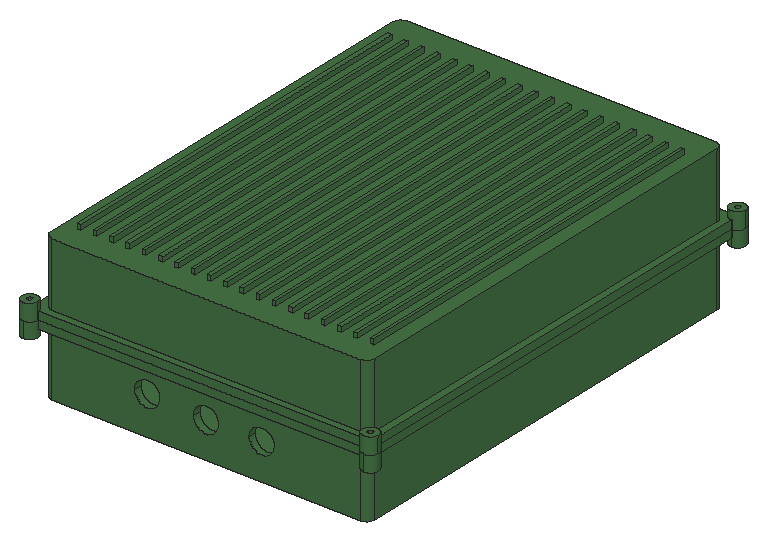
Revit family "STS-507 Контроллер связи", category Электрооборудование, Revit 2017
Family settings
  Конфигурация панели = Два столбца, слева направо
  Размер круглого соединителя = Использовать диаметр
  Тип детали = Щит
  На основе рабочей плоскости = Да
  Всегда вертикально = Нет
  При загрузке вырезать с полостями = Нет
  Общий = Нет
  Точка расчета площади = Нет
Parameters (values of type "STS-507")
  Смещение_УГО_Y [instance] = 0 mm
  Смещение_УГО_X [instance] = 0 mm
  Скорость передачи данных, до Мбит/с = 40
  Раздел проекта [instance] = ""
  Раздел Спецификации [instance] = ""
  Полоса пропускания канала, МГ = "20, 40"
  Default Elevation = 1219.2 mm
  Напряжение электропитания постоянного тока, В = "12-24"
  Напряжение = "12"
  Мощность = "30"
  Максимальная потребляемая мощность, не более, Вт = 30
  Максимальная мощность передатчика, дБм = 20
  Кадрирование / Кодирование = "IEEE 802.3/U"
  Используемые полосы частот, МГц = "5150–5350"
  Интерфейс (тип) = "Ethernet (10/100BaseT)"
  Диапазон рабочих температур, °С = "от -40 до +50"
  Время непрерывной работы, ч = "круглосуточно"
  Видимость_УГО [instance] = yes
  Вариант исполнения = "уличный"
  В_Смещение_УГО_Y [instance] = Смещение_УГО_Y + 2000 mm  # 2000 mm
  В_Смещение_УГО_X [instance] = Смещение_УГО_X + 2000 mm  # 2000 mm
  d_короба = 0 mm
  ADSK_Размер_Ширина = 225 mm
  ADSK_Размер_Глубина = 97 mm
  ADSK_Размер_Высота = 300 mm
  ADSK_Примечание = ""
  ADSK_Наименование = "Контроллер связи STS-507"
  ADSK_Масса = 2
  ADSK_Марка = "CТАЕ.424252.037"
  ADSK_Количество = 1
  ADSK_Завод-изготовитель = "ООО «Основа Безопасности»"  # constant formula
  ADSK_Единица измерения = "шт."  # constant formula
  ADSK_URL страницы изделия = "https://stilsoft.ru/products/sts-507"
  ADSK_URL документации изделия = ""
Reference planes
  plane 1 "По центру (Вперед/Назад)": y = 0
  plane 2: z = 0
  plane 3 "По центру (Влево/Вправо)": x = 0
  plane 4: y = 2000
  plane 5: x = -2000
  plane 6: x = 0
  plane 7: y = 0
  plane 8: y = 300
  plane 9: x = 112.5
  plane 10: x = -112.5
  plane 11: z = 97
  plane 12: x = 107.5
  plane 13: x = -107.5
Forms (mm)
  Extrusion 1, solid, material "коркус", detail levels medium+fine
    sketch origin (0, 0, 0) x (1, 0, 0) y (0, 1, 0)
      loop
        line (102.5, 295) -> (-102.5, 295)
        arc (-102.5, 295) -> (-106.036, 293.536) -> (-107.5, 290) r 5
        line (-107.5, 290) -> (-107.5, 10)
        arc (-107.5, 10) -> (-106.036, 6.464) -> (-102.5, 5) r 5
        line (-102.5, 5) -> (102.5, 5)
        arc (102.5, 5) -> (106.036, 6.464) -> (107.5, 10) r 5
        line (107.5, 10) -> (107.5, 290)
        arc (107.5, 290) -> (106.036, 293.536) -> (102.5, 295) r 5
      loop
        line (97.5, 290) -> (-97.5, 290)
        arc (-97.5, 290) -> (-101.036, 288.536) -> (-102.5, 285) r 5
        line (-102.5, 285) -> (-102.5, 15)
        arc (-102.5, 15) -> (-101.036, 11.464) -> (-97.5, 10) r 5
        line (-97.5, 10) -> (97.5, 10)
        arc (97.5, 10) -> (101.036, 11.464) -> (102.5, 15) r 5
        line (102.5, 15) -> (102.5, 285)
        arc (102.5, 285) -> (101.036, 288.536) -> (97.5, 290) r 5
    from 48.5 to 53.5
  Extrusion 2, solid, material "коркус", detail levels medium+fine
    sketch origin (0, 0, 0) x (1, 0, 0) y (0, 1, 0)
      loop
        circle (-107.5, 295) r 5
      loop
        circle (-107.5, 295) r 1.646
    from 48.5 to 58.5
  Extrusion 3, solid, material "коркус", detail levels medium+fine
    sketch origin (0, 0, 0) x (-1, 0, 0) y (0, -1, 0)
      loop
        circle (-107.5, -295) r 5
      loop
        circle (-107.5, -295) r 1.646
    from 48.5 to 58.5
  Extrusion 4, solid, material "коркус", detail levels medium+fine
    sketch origin (0, 300, 0) x (1, 0, 0) y (0, 1, 0)
      loop
        circle (-107.5, -295) r 5
      loop
        circle (-107.5, -295) r 1.646
    from 48.5 to 58.5
  Extrusion 5, solid, material "коркус", detail levels medium+fine
    sketch origin (0, 300, 0) x (-1, 0, 0) y (0, -1, 0)
      loop
        circle (-107.5, 295) r 5
      loop
        circle (-107.5, 295) r 1.646
    from 48.5 to 58.5
  Extrusion 6, solid, material "коркус", detail levels medium+fine
    sketch origin (0, 0, 0) x (1, 0, 0) y (0, 1, 0)
      loop
        line (97.5, 290) -> (-97.5, 290)
        arc (-97.5, 290) -> (-101.036, 288.536) -> (-102.5, 285) r 5
        line (-102.5, 285) -> (-102.5, 15)
        arc (-102.5, 15) -> (-101.036, 11.464) -> (-97.5, 10) r 5
        line (-97.5, 10) -> (97.5, 10)
        arc (97.5, 10) -> (101.036, 11.464) -> (102.5, 15) r 5
        line (102.5, 15) -> (102.5, 285)
        arc (102.5, 285) -> (101.036, 288.536) -> (97.5, 290) r 5
    from 48.5 to 94
  Extrusion 7, solid, material "коркус", detail levels medium+fine
    sketch origin (0, 0, 0) x (1, 0, 0) y (0, 1, 0)
      loop
        line (-94.11, 270.789) -> (-94.11, 25.789) -> (-91.881, 25.789) -> (-91.881, 270.789) -> (-94.11, 270.789)
    from 94 to 97
  Extrusion 8, solid, material "коркус", detail levels medium+fine
    sketch origin (185, 0, 0) x (1, 0, 0) y (0, 1, 0)
      loop
        line (-94.11, 270.789) -> (-94.11, 25.789) -> (-91.881, 25.789) -> (-91.881, 270.789) -> (-94.11, 270.789)
    from 94 to 97
  Extrusion 9, solid, material "коркус", detail levels medium+fine
    sketch origin (10.278, 0, 0) x (1, 0, 0) y (0, 1, 0)
      loop
        line (-94.11, 270.789) -> (-94.11, 25.789) -> (-91.881, 25.789) -> (-91.881, 270.789) -> (-94.11, 270.789)
    from 94 to 97
  Extrusion 10, solid, material "коркус", detail levels medium+fine
    sketch origin (20.556, 0, 0) x (1, 0, 0) y (0, 1, 0)
      loop
        line (-94.11, 270.789) -> (-94.11, 25.789) -> (-91.881, 25.789) -> (-91.881, 270.789) -> (-94.11, 270.789)
    from 94 to 97
  Extrusion 11, solid, material "коркус", detail levels medium+fine
    sketch origin (30.833, 0, 0) x (1, 0, 0) y (0, 1, 0)
      loop
        line (-94.11, 270.789) -> (-94.11, 25.789) -> (-91.881, 25.789) -> (-91.881, 270.789) -> (-94.11, 270.789)
    from 94 to 97
  Extrusion 12, solid, material "коркус", detail levels medium+fine
    sketch origin (41.111, 0, 0) x (1, 0, 0) y (0, 1, 0)
      loop
        line (-94.11, 270.789) -> (-94.11, 25.789) -> (-91.881, 25.789) -> (-91.881, 270.789) -> (-94.11, 270.789)
    from 94 to 97
  Extrusion 13, solid, material "коркус", detail levels medium+fine
    sketch origin (51.389, 0, 0) x (1, 0, 0) y (0, 1, 0)
      loop
        line (-94.11, 270.789) -> (-94.11, 25.789) -> (-91.881, 25.789) -> (-91.881, 270.789) -> (-94.11, 270.789)
    from 94 to 97
  Extrusion 14, solid, material "коркус", detail levels medium+fine
    sketch origin (61.667, 0, 0) x (1, 0, 0) y (0, 1, 0)
      loop
        line (-94.11, 270.789) -> (-94.11, 25.789) -> (-91.881, 25.789) -> (-91.881, 270.789) -> (-94.11, 270.789)
    from 94 to 97
  Extrusion 15, solid, material "коркус", detail levels medium+fine
    sketch origin (71.944, 0, 0) x (1, 0, 0) y (0, 1, 0)
      loop
        line (-94.11, 270.789) -> (-94.11, 25.789) -> (-91.881, 25.789) -> (-91.881, 270.789) -> (-94.11, 270.789)
    from 94 to 97
  Extrusion 16, solid, material "коркус", detail levels medium+fine
    sketch origin (82.222, 0, 0) x (1, 0, 0) y (0, 1, 0)
      loop
        line (-94.11, 270.789) -> (-94.11, 25.789) -> (-91.881, 25.789) -> (-91.881, 270.789) -> (-94.11, 270.789)
    from 94 to 97
  Extrusion 17, solid, material "коркус", detail levels medium+fine
    sketch origin (92.5, 0, 0) x (1, 0, 0) y (0, 1, 0)
      loop
        line (-94.11, 270.789) -> (-94.11, 25.789) -> (-91.881, 25.789) -> (-91.881, 270.789) -> (-94.11, 270.789)
    from 94 to 97
  Extrusion 18, solid, material "коркус", detail levels medium+fine
    sketch origin (102.778, 0, 0) x (1, 0, 0) y (0, 1, 0)
      loop
        line (-94.11, 270.789) -> (-94.11, 25.789) -> (-91.881, 25.789) -> (-91.881, 270.789) -> (-94.11, 270.789)
    from 94 to 97
  Extrusion 19, solid, material "коркус", detail levels medium+fine
    sketch origin (113.056, 0, 0) x (1, 0, 0) y (0, 1, 0)
      loop
        line (-94.11, 270.789) -> (-94.11, 25.789) -> (-91.881, 25.789) -> (-91.881, 270.789) -> (-94.11, 270.789)
    from 94 to 97
  Extrusion 20, solid, material "коркус", detail levels medium+fine
    sketch origin (123.333, 0, 0) x (1, 0, 0) y (0, 1, 0)
      loop
        line (-94.11, 270.789) -> (-94.11, 25.789) -> (-91.881, 25.789) -> (-91.881, 270.789) -> (-94.11, 270.789)
    from 94 to 97
  Extrusion 21, solid, material "коркус", detail levels medium+fine
    sketch origin (133.611, 0, 0) x (1, 0, 0) y (0, 1, 0)
      loop
        line (-94.11, 270.789) -> (-94.11, 25.789) -> (-91.881, 25.789) -> (-91.881, 270.789) -> (-94.11, 270.789)
    from 94 to 97
  Extrusion 22, solid, material "коркус", detail levels medium+fine
    sketch origin (143.889, 0, 0) x (1, 0, 0) y (0, 1, 0)
      loop
        line (-94.11, 270.789) -> (-94.11, 25.789) -> (-91.881, 25.789) -> (-91.881, 270.789) -> (-94.11, 270.789)
    from 94 to 97
  Extrusion 23, solid, material "коркус", detail levels medium+fine
    sketch origin (154.167, 0, 0) x (1, 0, 0) y (0, 1, 0)
      loop
        line (-94.11, 270.789) -> (-94.11, 25.789) -> (-91.881, 25.789) -> (-91.881, 270.789) -> (-94.11, 270.789)
    from 94 to 97
  Extrusion 24, solid, material "коркус", detail levels medium+fine
    sketch origin (164.444, 0, 0) x (1, 0, 0) y (0, 1, 0)
      loop
        line (-94.11, 270.789) -> (-94.11, 25.789) -> (-91.881, 25.789) -> (-91.881, 270.789) -> (-94.11, 270.789)
    from 94 to 97
  Extrusion 25, solid, material "коркус", detail levels medium+fine
    sketch origin (174.722, 0, 0) x (1, 0, 0) y (0, 1, 0)
      loop
        line (-94.11, 270.789) -> (-94.11, 25.789) -> (-91.881, 25.789) -> (-91.881, 270.789) -> (-94.11, 270.789)
    from 94 to 97
  Extrusion 26, void
    sketch origin (0, 0, 0) x (1, 0, 0) y (0, 1, 0)
      loop
        arc (-95.609, 285.526) -> (-98.146, 284.188) -> (-98.476, 281.338) r 3.075
        line (-98.476, 281.338) -> (-98.476, 18.86)
        arc (-98.476, 18.86) -> (-97.695, 16.241) -> (-95.609, 14.474) r 4.789
        line (-95.609, 14.474) -> (94.391, 14.474)
        arc (94.391, 14.474) -> (97.279, 15.671) -> (98.476, 18.559) r 4.085
        line (98.476, 18.559) -> (98.476, 281.441)
        arc (98.476, 281.441) -> (97.279, 284.329) -> (94.391, 285.526) r 4.085
        line (94.391, 285.526) -> (-95.609, 285.526)
    from 48.5 to 92
  Extrusion 27, solid, material "коркус", detail levels medium+fine
    sketch origin (0, 0, -5) x (0, -1, 0) y (1, 0, 0)
      loop
        line (-295, 102.5) -> (-295, -102.5)
        arc (-295, -102.5) -> (-293.536, -106.036) -> (-290, -107.5) r 5
        line (-290, -107.5) -> (-10, -107.5)
        arc (-10, -107.5) -> (-6.464, -106.036) -> (-5, -102.5) r 5
        line (-5, -102.5) -> (-5, 102.5)
        arc (-5, 102.5) -> (-6.464, 106.036) -> (-10, 107.5) r 5
        line (-10, 107.5) -> (-290, 107.5)
        arc (-290, 107.5) -> (-293.536, 106.036) -> (-295, 102.5) r 5
      loop
        line (-290, 97.5) -> (-290, -97.5)
        arc (-290, -97.5) -> (-288.536, -101.036) -> (-285, -102.5) r 5
        line (-285, -102.5) -> (-15, -102.5)
        arc (-15, -102.5) -> (-11.464, -101.036) -> (-10, -97.5) r 5
        line (-10, -97.5) -> (-10, 97.5)
        arc (-10, 97.5) -> (-11.464, 101.036) -> (-15, 102.5) r 5
        line (-15, 102.5) -> (-285, 102.5)
        arc (-285, 102.5) -> (-288.536, 101.036) -> (-290, 97.5) r 5
    from 48.5 to 53.5
  Extrusion 28, void
    sketch origin (0, 0, -43) x (0, -1, 0) y (1, 0, 0)
      loop
        arc (-285.526, -95.609) -> (-284.188, -98.146) -> (-281.338, -98.476) r 3.075
        line (-281.338, -98.476) -> (-18.86, -98.476)
        arc (-18.86, -98.476) -> (-16.241, -97.695) -> (-14.474, -95.609) r 4.789
        line (-14.474, -95.609) -> (-14.474, 94.391)
        arc (-14.474, 94.391) -> (-15.671, 97.279) -> (-18.559, 98.476) r 4.085
        line (-18.559, 98.476) -> (-281.441, 98.476)
        arc (-281.441, 98.476) -> (-284.329, 97.279) -> (-285.526, 94.391) r 4.085
        line (-285.526, 94.391) -> (-285.526, -95.609)
    from 48.5 to 92
  Extrusion 29, solid, material "коркус", detail levels medium+fine
    sketch origin (0, 0, -45.5) x (0, -1, 0) y (1, 0, 0)
      loop
        line (-290, 97.5) -> (-290, -97.5)
        arc (-290, -97.5) -> (-288.536, -101.036) -> (-285, -102.5) r 5
        line (-285, -102.5) -> (-15, -102.5)
        arc (-15, -102.5) -> (-11.464, -101.036) -> (-10, -97.5) r 5
        line (-10, -97.5) -> (-10, 97.5)
        arc (-10, 97.5) -> (-11.464, 101.036) -> (-15, 102.5) r 5
        line (-15, 102.5) -> (-285, 102.5)
        arc (-285, 102.5) -> (-288.536, 101.036) -> (-290, 97.5) r 5
    from 48.5 to 94
  Extrusion 30, solid, material "коркус", detail levels medium+fine
    sketch origin (0, 300, -10) x (0, -1, 0) y (1, 0, 0)
      loop
        circle (295, -107.5) r 5
      loop
        circle (295, -107.5) r 1.646
    from 48.5 to 58.5
  Extrusion 31, solid, material "коркус", detail levels medium+fine
    sketch origin (0, 300, -10) x (0, 1, 0) y (-1, 0, 0)
      loop
        circle (-295, -107.5) r 5
      loop
        circle (-295, -107.5) r 1.646
    from 48.5 to 58.5
  Extrusion 32, solid, material "коркус", detail levels medium+fine
    sketch origin (0, 0, -94) x (0, -1, 0) y (1, 0, 0)
      loop
        line (-270.789, -94.11) -> (-25.789, -94.11) -> (-25.789, -91.881) -> (-270.789, -91.881) -> (-270.789, -94.11)
    from 94 to 97
  Extrusion 33, solid, material "коркус", detail levels medium+fine
    sketch origin (0, 0, -10) x (0, -1, 0) y (1, 0, 0)
      loop
        circle (-295, -107.5) r 5
      loop
        circle (-295, -107.5) r 1.646
    from 48.5 to 58.5
  Extrusion 34, solid, material "коркус", detail levels medium+fine
    sketch origin (0, 0, -10) x (0, 1, 0) y (-1, 0, 0)
      loop
        circle (295, -107.5) r 5
      loop
        circle (295, -107.5) r 1.646
    from 48.5 to 58.5
  Extrusion 35, solid, material "коркус", detail levels medium+fine
    sketch origin (185, 0, -94) x (0, -1, 0) y (1, 0, 0)
      loop
        line (-270.789, -94.11) -> (-25.789, -94.11) -> (-25.789, -91.881) -> (-270.789, -91.881) -> (-270.789, -94.11)
    from 94 to 97
  Extrusion 36, solid, material "коркус", detail levels medium+fine
    sketch origin (10.278, 0, -94) x (0, -1, 0) y (1, 0, 0)
      loop
        line (-270.789, -94.11) -> (-25.789, -94.11) -> (-25.789, -91.881) -> (-270.789, -91.881) -> (-270.789, -94.11)
    from 94 to 97
  Extrusion 37, solid, material "коркус", detail levels medium+fine
    sketch origin (20.556, 0, -94) x (0, -1, 0) y (1, 0, 0)
      loop
        line (-270.789, -94.11) -> (-25.789, -94.11) -> (-25.789, -91.881) -> (-270.789, -91.881) -> (-270.789, -94.11)
    from 94 to 97
  Extrusion 38, solid, material "коркус", detail levels medium+fine
    sketch origin (30.833, 0, -94) x (0, -1, 0) y (1, 0, 0)
      loop
        line (-270.789, -94.11) -> (-25.789, -94.11) -> (-25.789, -91.881) -> (-270.789, -91.881) -> (-270.789, -94.11)
    from 94 to 97
  Extrusion 39, solid, material "коркус", detail levels medium+fine
    sketch origin (41.111, 0, -94) x (0, -1, 0) y (1, 0, 0)
      loop
        line (-270.789, -94.11) -> (-25.789, -94.11) -> (-25.789, -91.881) -> (-270.789, -91.881) -> (-270.789, -94.11)
    from 94 to 97
  Extrusion 40, solid, material "коркус", detail levels medium+fine
    sketch origin (51.389, 0, -94) x (0, -1, 0) y (1, 0, 0)
      loop
        line (-270.789, -94.11) -> (-25.789, -94.11) -> (-25.789, -91.881) -> (-270.789, -91.881) -> (-270.789, -94.11)
    from 94 to 97
  Extrusion 41, solid, material "коркус", detail levels medium+fine
    sketch origin (61.667, 0, -94) x (0, -1, 0) y (1, 0, 0)
      loop
        line (-270.789, -94.11) -> (-25.789, -94.11) -> (-25.789, -91.881) -> (-270.789, -91.881) -> (-270.789, -94.11)
    from 94 to 97
  Extrusion 42, solid, material "коркус", detail levels medium+fine
    sketch origin (71.944, 0, -94) x (0, -1, 0) y (1, 0, 0)
      loop
        line (-270.789, -94.11) -> (-25.789, -94.11) -> (-25.789, -91.881) -> (-270.789, -91.881) -> (-270.789, -94.11)
    from 94 to 97
  Extrusion 43, solid, material "коркус", detail levels medium+fine
    sketch origin (82.222, 0, -94) x (0, -1, 0) y (1, 0, 0)
      loop
        line (-270.789, -94.11) -> (-25.789, -94.11) -> (-25.789, -91.881) -> (-270.789, -91.881) -> (-270.789, -94.11)
    from 94 to 97
  Extrusion 44, solid, material "коркус", detail levels medium+fine
    sketch origin (92.5, 0, -94) x (0, -1, 0) y (1, 0, 0)
      loop
        line (-270.789, -94.11) -> (-25.789, -94.11) -> (-25.789, -91.881) -> (-270.789, -91.881) -> (-270.789, -94.11)
    from 94 to 97
  Extrusion 45, solid, material "коркус", detail levels medium+fine
    sketch origin (102.778, 0, -94) x (0, -1, 0) y (1, 0, 0)
      loop
        line (-270.789, -94.11) -> (-25.789, -94.11) -> (-25.789, -91.881) -> (-270.789, -91.881) -> (-270.789, -94.11)
    from 94 to 97
  Extrusion 46, solid, material "коркус", detail levels medium+fine
    sketch origin (113.056, 0, -94) x (0, -1, 0) y (1, 0, 0)
      loop
        line (-270.789, -94.11) -> (-25.789, -94.11) -> (-25.789, -91.881) -> (-270.789, -91.881) -> (-270.789, -94.11)
    from 94 to 97
  Extrusion 47, solid, material "коркус", detail levels medium+fine
    sketch origin (123.333, 0, -94) x (0, -1, 0) y (1, 0, 0)
      loop
        line (-270.789, -94.11) -> (-25.789, -94.11) -> (-25.789, -91.881) -> (-270.789, -91.881) -> (-270.789, -94.11)
    from 94 to 97
  Extrusion 48, solid, material "коркус", detail levels medium+fine
    sketch origin (133.611, 0, -94) x (0, -1, 0) y (1, 0, 0)
      loop
        line (-270.789, -94.11) -> (-25.789, -94.11) -> (-25.789, -91.881) -> (-270.789, -91.881) -> (-270.789, -94.11)
    from 94 to 97
  Extrusion 49, solid, material "коркус", detail levels medium+fine
    sketch origin (143.889, 0, -94) x (0, -1, 0) y (1, 0, 0)
      loop
        line (-270.789, -94.11) -> (-25.789, -94.11) -> (-25.789, -91.881) -> (-270.789, -91.881) -> (-270.789, -94.11)
    from 94 to 97
  Extrusion 50, solid, material "коркус", detail levels medium+fine
    sketch origin (154.167, 0, -94) x (0, -1, 0) y (1, 0, 0)
      loop
        line (-270.789, -94.11) -> (-25.789, -94.11) -> (-25.789, -91.881) -> (-270.789, -91.881) -> (-270.789, -94.11)
    from 94 to 97
  Extrusion 51, solid, material "коркус", detail levels medium+fine
    sketch origin (164.444, 0, -94) x (0, -1, 0) y (1, 0, 0)
      loop
        line (-270.789, -94.11) -> (-25.789, -94.11) -> (-25.789, -91.881) -> (-270.789, -91.881) -> (-270.789, -94.11)
    from 94 to 97
  Extrusion 52, solid, material "коркус", detail levels medium+fine
    sketch origin (174.722, 0, -94) x (0, -1, 0) y (1, 0, 0)
      loop
        line (-270.789, -94.11) -> (-25.789, -94.11) -> (-25.789, -91.881) -> (-270.789, -91.881) -> (-270.789, -94.11)
    from 94 to 97
  Extrusion 53, void
    sketch origin (0, 0, 0) x (1, 0, 0) y (0, 0, 1)
      loop
        circle (0, 25.659) r 8
      loop
        circle (-37.168, 27.215) r 8
      loop
        circle (35, 25.659) r 8
    from -3.348 to -16.802
Cuts and joins
  Extrusion 26, Extrusion 28 cuts Extrusion 6
  Extrusion 26 cuts Extrusion 7
  Extrusion 26 cuts Extrusion 8
  Extrusion 26 cuts Extrusion 9
  Extrusion 26 cuts Extrusion 10
  Extrusion 26 cuts Extrusion 11
  Extrusion 26 cuts Extrusion 12
  Extrusion 26 cuts Extrusion 13
  Extrusion 26 cuts Extrusion 14
  Extrusion 26 cuts Extrusion 15
  Extrusion 26 cuts Extrusion 16
  Extrusion 26 cuts Extrusion 17
  Extrusion 26 cuts Extrusion 18
  Extrusion 26 cuts Extrusion 19
  Extrusion 26 cuts Extrusion 20
  Extrusion 26 cuts Extrusion 21
  Extrusion 26 cuts Extrusion 22
  Extrusion 26 cuts Extrusion 23
  Extrusion 26 cuts Extrusion 24
  Extrusion 26 cuts Extrusion 25
  Extrusion 28, Extrusion 53 cuts Extrusion 29
Dimensions and locks
  locked: plane 4 to plane 1 "По центру (Вперед/Назад)" at 2000
  locked: plane 5 to plane 3 "По центру (Влево/Вправо)" at 2000
  "В_Смещение_УГО_X": plane 5 to plane 6
  "В_Смещение_УГО_Y": plane 4 to plane 7
  "ADSK_Размер_Ширина": plane 10 to plane 9
  "ADSK_Размер_Высота": plane 8 to plane 1 "По центру (Вперед/Назад)"
  "ADSK_Размер_Глубина": plane 11 to level
  aligned and locked: level to plane 2
  aligned and locked: nested 1 to plane 7
  aligned and locked: plane 6 to nested 1
Automatic sketch dimensions
  Extrusion 1 sketch curve to plane 13 = 0 mm
  Extrusion 1 sketch curve to plane 12 = 0 mm
  Extrusion 1 sketch curve to Extrusion 1 sketch curve = 5 mm  (x4)
  Extrusion 1 sketch curve to plane 13 = 5 mm
  Extrusion 1 sketch curve to Extrusion 1 sketch curve = 0 mm  (x2)
  Extrusion 1 sketch curve to plane 12 = 10 mm  (x2)
  Extrusion 1 sketch curve to plane 12 = 5 mm  (x3)
  Extrusion 1 sketch curve to plane 1 "По центру (Вперед/Назад)" = 5 mm
  Extrusion 1 sketch curve to plane 8 = 15 mm
  Extrusion 2 sketch curve to Extrusion 2 sketch curve = 0 mm  (x2)
  Extrusion 2 sketch curve to plane 13 = 0 mm
  Extrusion 2 sketch curve to plane 8 = 5 mm
  Extrusion 3 sketch curve to Extrusion 3 sketch curve = 0 mm  (x2)
  Extrusion 3 sketch curve to plane 12 = 0 mm
  plane 8 to Extrusion 3 sketch curve = 5 mm
  Extrusion 4 sketch curve to Extrusion 4 sketch curve = 0 mm  (x2)
  Extrusion 4 sketch curve to plane 13 = 0 mm
  plane 1 "По центру (Вперед/Назад)" to Extrusion 4 sketch curve = 5 mm
  Extrusion 5 sketch curve to Extrusion 5 sketch curve = 0 mm  (x2)
  Extrusion 5 sketch curve to plane 12 = 0 mm
  Extrusion 5 sketch curve to plane 1 "По центру (Вперед/Назад)" = 5 mm
  Extrusion 6 sketch curve to plane 13 = 5 mm
  Extrusion 6 sketch curve to Extrusion 6 sketch curve = 5 mm  (x2)
  Extrusion 6 sketch curve to plane 12 = 10 mm  (x2)
  Extrusion 6 sketch curve to plane 12 = 5 mm
  Extrusion 6 sketch curve to plane 1 "По центру (Вперед/Назад)" = 10 mm
  Extrusion 6 sketch curve to plane 8 = 15 mm
  Extrusion 7 sketch curve to plane 13 = 13.39 mm
  Extrusion 7 sketch curve to Extrusion 7 sketch curve = 2.229 mm
  Extrusion 7 sketch curve to plane 1 "По центру (Вперед/Назад)" = 25.789 mm
  Extrusion 7 sketch curve to plane 8 = 29.211 mm
  Extrusion 8 sketch curve to plane 12 = 16.61 mm
  Extrusion 8 sketch curve to Extrusion 8 sketch curve = 2.229 mm
  Extrusion 8 sketch curve to plane 1 "По центру (Вперед/Назад)" = 25.789 mm
  Extrusion 8 sketch curve to plane 8 = 29.211 mm
  Extrusion 9 sketch curve to plane 13 = 23.668 mm
  Extrusion 9 sketch curve to Extrusion 9 sketch curve = 2.229 mm
  Extrusion 9 sketch curve to plane 1 "По центру (Вперед/Назад)" = 25.789 mm
  Extrusion 9 sketch curve to plane 8 = 29.211 mm
  Extrusion 10 sketch curve to plane 13 = 33.945 mm
  Extrusion 10 sketch curve to Extrusion 10 sketch curve = 2.229 mm
  Extrusion 10 sketch curve to plane 1 "По центру (Вперед/Назад)" = 25.789 mm
  Extrusion 10 sketch curve to plane 8 = 29.211 mm
  Extrusion 11 sketch curve to plane 13 = 44.223 mm
  Extrusion 11 sketch curve to Extrusion 11 sketch curve = 2.229 mm
  Extrusion 11 sketch curve to plane 1 "По центру (Вперед/Назад)" = 25.789 mm
  Extrusion 11 sketch curve to plane 8 = 29.211 mm
  Extrusion 12 sketch curve to plane 1 "По центру (Вперед/Назад)" = 25.789 mm
  Extrusion 12 sketch curve to plane 3 "По центру (Влево/Вправо)" = 52.999 mm
  Extrusion 12 sketch curve to Extrusion 12 sketch curve = 2.229 mm
  Extrusion 12 sketch curve to plane 8 = 29.211 mm
  Extrusion 13 sketch curve to plane 3 "По центру (Влево/Вправо)" = 42.721 mm
  Extrusion 13 sketch curve to Extrusion 13 sketch curve = 2.229 mm
  Extrusion 13 sketch curve to plane 1 "По центру (Вперед/Назад)" = 25.789 mm
  Extrusion 13 sketch curve to plane 8 = 29.211 mm
  Extrusion 14 sketch curve to plane 3 "По центру (Влево/Вправо)" = 32.443 mm
  Extrusion 14 sketch curve to Extrusion 14 sketch curve = 2.229 mm
  Extrusion 14 sketch curve to plane 1 "По центру (Вперед/Назад)" = 25.789 mm
  Extrusion 14 sketch curve to plane 8 = 29.211 mm
  Extrusion 15 sketch curve to plane 3 "По центру (Влево/Вправо)" = 22.166 mm
  Extrusion 15 sketch curve to Extrusion 15 sketch curve = 2.229 mm
  Extrusion 15 sketch curve to plane 1 "По центру (Вперед/Назад)" = 25.789 mm
  Extrusion 15 sketch curve to plane 8 = 29.211 mm
  Extrusion 16 sketch curve to plane 3 "По центру (Влево/Вправо)" = 11.888 mm
  Extrusion 16 sketch curve to Extrusion 16 sketch curve = 2.229 mm
  Extrusion 16 sketch curve to plane 1 "По центру (Вперед/Назад)" = 25.789 mm
  Extrusion 16 sketch curve to plane 8 = 29.211 mm
  Extrusion 17 sketch curve to plane 3 "По центру (Влево/Вправо)" = 1.61 mm
  plane 3 "По центру (Влево/Вправо)" to Extrusion 17 sketch curve = 0.619 mm
  Extrusion 17 sketch curve to plane 1 "По центру (Вперед/Назад)" = 25.789 mm
  Extrusion 17 sketch curve to plane 8 = 29.211 mm
  plane 3 "По центру (Влево/Вправо)" to Extrusion 18 sketch curve = 8.668 mm
  Extrusion 18 sketch curve to Extrusion 18 sketch curve = 2.229 mm
  Extrusion 18 sketch curve to plane 1 "По центру (Вперед/Назад)" = 25.789 mm
  Extrusion 18 sketch curve to plane 8 = 29.211 mm
  plane 3 "По центру (Влево/Вправо)" to Extrusion 19 sketch curve = 18.945 mm
  Extrusion 19 sketch curve to Extrusion 19 sketch curve = 2.229 mm
  Extrusion 19 sketch curve to plane 1 "По центру (Вперед/Назад)" = 25.789 mm
  Extrusion 19 sketch curve to plane 8 = 29.211 mm
  plane 3 "По центру (Влево/Вправо)" to Extrusion 20 sketch curve = 29.223 mm
  Extrusion 20 sketch curve to Extrusion 20 sketch curve = 2.229 mm
  Extrusion 20 sketch curve to plane 1 "По центру (Вперед/Назад)" = 25.789 mm
  Extrusion 20 sketch curve to plane 8 = 29.211 mm
  plane 3 "По центру (Влево/Вправо)" to Extrusion 21 sketch curve = 39.501 mm
  Extrusion 21 sketch curve to Extrusion 21 sketch curve = 2.229 mm
  Extrusion 21 sketch curve to plane 1 "По центру (Вперед/Назад)" = 25.789 mm
  Extrusion 21 sketch curve to plane 8 = 29.211 mm
  plane 3 "По центру (Влево/Вправо)" to Extrusion 22 sketch curve = 49.779 mm
  Extrusion 22 sketch curve to Extrusion 22 sketch curve = 2.229 mm
  Extrusion 22 sketch curve to plane 1 "По центру (Вперед/Назад)" = 25.789 mm
  Extrusion 22 sketch curve to plane 8 = 29.211 mm
  Extrusion 23 sketch curve to plane 12 = 47.443 mm
  Extrusion 23 sketch curve to Extrusion 23 sketch curve = 2.229 mm
  Extrusion 23 sketch curve to plane 1 "По центру (Вперед/Назад)" = 25.789 mm
  Extrusion 23 sketch curve to plane 8 = 29.211 mm
  Extrusion 24 sketch curve to plane 12 = 37.166 mm
  Extrusion 24 sketch curve to Extrusion 24 sketch curve = 2.229 mm
  Extrusion 24 sketch curve to plane 1 "По центру (Вперед/Назад)" = 25.789 mm
  Extrusion 24 sketch curve to plane 8 = 29.211 mm
  Extrusion 25 sketch curve to plane 12 = 26.888 mm
  Extrusion 25 sketch curve to Extrusion 25 sketch curve = 2.229 mm
  Extrusion 25 sketch curve to plane 1 "По центру (Вперед/Назад)" = 25.789 mm
  Extrusion 25 sketch curve to plane 8 = 29.211 mm
  Extrusion 26 sketch curve to plane 13 = 9.024 mm
  Extrusion 26 sketch curve to Extrusion 26 sketch curve = 2.867 mm  (x2)
  Extrusion 26 sketch curve to Extrusion 26 sketch curve = 1.922 mm
  Extrusion 26 sketch curve to plane 12 = 13.109 mm  (x2)
  Extrusion 26 sketch curve to Extrusion 26 sketch curve = 4.085 mm
  Extrusion 26 sketch curve to plane 1 "По центру (Вперед/Назад)" = 14.474 mm
  Extrusion 26 sketch curve to plane 8 = 18.662 mm
  Extrusion 26 sketch curve to plane 8 = 18.559 mm
  Extrusion 27 sketch curve to plane 12 = 0 mm
  Extrusion 27 sketch curve to plane 13 = 0 mm
  Extrusion 27 sketch curve to plane 8 = 5 mm
  Extrusion 27 sketch curve to Extrusion 27 sketch curve = 5 mm  (x8)
  Extrusion 27 sketch curve to Extrusion 27 sketch curve = 0 mm  (x2)
  Extrusion 27 sketch curve to plane 1 "По центру (Вперед/Назад)" = 15 mm  (x2)
  Extrusion 27 sketch curve to plane 1 "По центру (Вперед/Назад)" = 5 mm
  Extrusion 28 sketch curve to plane 8 = 14.474 mm
  Extrusion 28 sketch curve to Extrusion 28 sketch curve = 3.075 mm
  Extrusion 28 sketch curve to Extrusion 28 sketch curve = 4.085 mm
  Extrusion 28 sketch curve to Extrusion 28 sketch curve = 1.113 mm
  Extrusion 28 sketch curve to plane 1 "По центру (Вперед/Назад)" = 18.86 mm
  Extrusion 28 sketch curve to plane 1 "По центру (Вперед/Назад)" = 18.559 mm
  Extrusion 28 sketch curve to Extrusion 28 sketch curve = 4.386 mm
  Extrusion 28 sketch curve to plane 13 = 9.024 mm
  Extrusion 28 sketch curve to Extrusion 28 sketch curve = 2.867 mm
  Extrusion 28 sketch curve to plane 12 = 13.109 mm
  Extrusion 29 sketch curve to plane 8 = 10 mm
  Extrusion 29 sketch curve to Extrusion 29 sketch curve = 5 mm  (x3)
  Extrusion 29 sketch curve to plane 13 = 5 mm
  Extrusion 29 sketch curve to plane 1 "По центру (Вперед/Назад)" = 15 mm  (x2)
  Extrusion 29 sketch curve to plane 12 = 10 mm
  Extrusion 30 sketch curve to Extrusion 30 sketch curve = 0 mm  (x2)
  Extrusion 30 sketch curve to plane 13 = 0 mm
  Extrusion 30 sketch curve to plane 1 "По центру (Вперед/Назад)" = 5 mm
  Extrusion 31 sketch curve to Extrusion 31 sketch curve = 0 mm  (x2)
  Extrusion 31 sketch curve to plane 12 = 0 mm
  Extrusion 31 sketch curve to plane 1 "По центру (Вперед/Назад)" = 5 mm
  Extrusion 32 sketch curve to Extrusion 32 sketch curve = 2.229 mm
  Extrusion 33 sketch curve to Extrusion 33 sketch curve = 0 mm  (x2)
  Extrusion 33 sketch curve to plane 13 = 0 mm
  Extrusion 33 sketch curve to plane 8 = 5 mm
  Extrusion 34 sketch curve to Extrusion 34 sketch curve = 0 mm  (x2)
  Extrusion 34 sketch curve to plane 12 = 0 mm
  Extrusion 34 sketch curve to plane 8 = 5 mm
  Extrusion 32 sketch curve to Extrusion 32 sketch curve = 245 mm
  Extrusion 35 sketch curve to Extrusion 35 sketch curve = 2.229 mm
  Extrusion 35 sketch curve to Extrusion 35 sketch curve = 245 mm
  Extrusion 36 sketch curve to Extrusion 36 sketch curve = 2.229 mm
  Extrusion 36 sketch curve to Extrusion 36 sketch curve = 245 mm
  Extrusion 37 sketch curve to Extrusion 37 sketch curve = 2.229 mm
  Extrusion 37 sketch curve to Extrusion 37 sketch curve = 245 mm
  Extrusion 38 sketch curve to Extrusion 38 sketch curve = 2.229 mm
  Extrusion 38 sketch curve to Extrusion 38 sketch curve = 245 mm
  Extrusion 39 sketch curve to Extrusion 39 sketch curve = 2.229 mm
  Extrusion 39 sketch curve to Extrusion 39 sketch curve = 245 mm
  Extrusion 40 sketch curve to Extrusion 40 sketch curve = 2.229 mm
  Extrusion 40 sketch curve to Extrusion 40 sketch curve = 245 mm
  Extrusion 41 sketch curve to Extrusion 41 sketch curve = 2.229 mm
  Extrusion 41 sketch curve to Extrusion 41 sketch curve = 245 mm
  Extrusion 42 sketch curve to Extrusion 42 sketch curve = 2.229 mm
  Extrusion 42 sketch curve to Extrusion 42 sketch curve = 245 mm
  Extrusion 43 sketch curve to Extrusion 43 sketch curve = 2.229 mm
  Extrusion 43 sketch curve to Extrusion 43 sketch curve = 245 mm
  Extrusion 44 sketch curve to Extrusion 44 sketch curve = 2.229 mm
  Extrusion 44 sketch curve to Extrusion 44 sketch curve = 245 mm
  Extrusion 45 sketch curve to Extrusion 45 sketch curve = 2.229 mm
  Extrusion 45 sketch curve to Extrusion 45 sketch curve = 245 mm
  Extrusion 46 sketch curve to Extrusion 46 sketch curve = 2.229 mm
  Extrusion 46 sketch curve to Extrusion 46 sketch curve = 245 mm
  Extrusion 47 sketch curve to Extrusion 47 sketch curve = 2.229 mm
  Extrusion 47 sketch curve to Extrusion 47 sketch curve = 245 mm
  Extrusion 48 sketch curve to Extrusion 48 sketch curve = 2.229 mm
  Extrusion 48 sketch curve to Extrusion 48 sketch curve = 245 mm
  Extrusion 49 sketch curve to Extrusion 49 sketch curve = 2.229 mm
  Extrusion 49 sketch curve to Extrusion 49 sketch curve = 245 mm
  Extrusion 50 sketch curve to Extrusion 50 sketch curve = 2.229 mm
  Extrusion 50 sketch curve to Extrusion 50 sketch curve = 245 mm
  Extrusion 51 sketch curve to Extrusion 51 sketch curve = 2.229 mm
  Extrusion 51 sketch curve to Extrusion 51 sketch curve = 245 mm
  Extrusion 52 sketch curve to Extrusion 52 sketch curve = 2.229 mm
  Extrusion 52 sketch curve to Extrusion 52 sketch curve = 245 mm
  Extrusion 32 sketch curve to plane 13 = 13.39 mm
  Extrusion 32 sketch curve to plane 8 = 29.211 mm
  Extrusion 35 sketch curve to plane 8 = 29.211 mm
  Extrusion 35 sketch curve to plane 12 = 16.61 mm
  Extrusion 36 sketch curve to plane 8 = 29.211 mm
  Extrusion 36 sketch curve to plane 13 = 23.668 mm
  Extrusion 37 sketch curve to plane 8 = 29.211 mm
  Extrusion 37 sketch curve to plane 13 = 33.945 mm
  Extrusion 38 sketch curve to plane 8 = 29.211 mm
  Extrusion 38 sketch curve to plane 13 = 44.223 mm
  Extrusion 39 sketch curve to plane 8 = 29.211 mm
  Extrusion 39 sketch curve to plane 3 "По центру (Влево/Вправо)" = 52.999 mm
  Extrusion 40 sketch curve to plane 8 = 29.211 mm
  Extrusion 40 sketch curve to plane 3 "По центру (Влево/Вправо)" = 42.721 mm
  Extrusion 41 sketch curve to plane 8 = 29.211 mm
  Extrusion 41 sketch curve to plane 3 "По центру (Влево/Вправо)" = 32.443 mm
  Extrusion 42 sketch curve to plane 8 = 29.211 mm
  Extrusion 42 sketch curve to plane 3 "По центру (Влево/Вправо)" = 22.166 mm
  Extrusion 43 sketch curve to plane 3 "По центру (Влево/Вправо)" = 11.888 mm
  Extrusion 43 sketch curve to plane 8 = 29.211 mm
  Extrusion 44 sketch curve to plane 3 "По центру (Влево/Вправо)" = 1.61 mm
  Extrusion 44 sketch curve to plane 8 = 29.211 mm
  plane 3 "По центру (Влево/Вправо)" to Extrusion 45 sketch curve = 8.668 mm
  Extrusion 45 sketch curve to plane 8 = 29.211 mm
  Extrusion 46 sketch curve to plane 8 = 29.211 mm
  plane 3 "По центру (Влево/Вправо)" to Extrusion 46 sketch curve = 18.945 mm
  Extrusion 47 sketch curve to plane 8 = 29.211 mm
  plane 3 "По центру (Влево/Вправо)" to Extrusion 47 sketch curve = 29.223 mm
  Extrusion 48 sketch curve to plane 8 = 29.211 mm
  plane 3 "По центру (Влево/Вправо)" to Extrusion 48 sketch curve = 39.501 mm
  Extrusion 49 sketch curve to plane 8 = 29.211 mm
  plane 3 "По центру (Влево/Вправо)" to Extrusion 49 sketch curve = 49.779 mm
  Extrusion 50 sketch curve to plane 8 = 29.211 mm
  Extrusion 50 sketch curve to plane 12 = 47.443 mm
  Extrusion 51 sketch curve to plane 8 = 29.211 mm
  Extrusion 51 sketch curve to plane 12 = 37.166 mm
  Extrusion 52 sketch curve to plane 8 = 29.211 mm
  Extrusion 52 sketch curve to plane 12 = 26.888 mm
  Extrusion 53 sketch curve to plane 3 "По центру (Влево/Вправо)" = 0 mm
  Extrusion 53 sketch curve to plane 3 "По центру (Влево/Вправо)" = 37.168 mm
  plane 3 "По центру (Влево/Вправо)" to Extrusion 53 sketch curve = 35 mm
  level to Extrusion 53 sketch curve = 25.659 mm  (x2)
  level to Extrusion 53 sketch curve = 27.215 mm
  radius of Extrusion 2 sketch curve = 5 mm
  radius of Extrusion 2 sketch curve = 1.646 mm
  radius of Extrusion 3 sketch curve = 5 mm
  radius of Extrusion 3 sketch curve = 1.646 mm
  radius of Extrusion 4 sketch curve = 5 mm
  radius of Extrusion 4 sketch curve = 1.646 mm
  radius of Extrusion 5 sketch curve = 5 mm
  radius of Extrusion 5 sketch curve = 1.646 mm
  radius of Extrusion 30 sketch curve = 5 mm
  radius of Extrusion 30 sketch curve = 1.646 mm
  radius of Extrusion 31 sketch curve = 5 mm
  radius of Extrusion 31 sketch curve = 1.646 mm
  radius of Extrusion 33 sketch curve = 5 mm
  radius of Extrusion 33 sketch curve = 1.646 mm
  radius of Extrusion 34 sketch curve = 5 mm
  radius of Extrusion 34 sketch curve = 1.646 mm
  radius of Extrusion 53 sketch curve = 8 mm  (x3)
Nested families
  nested 1: "УГО_Контроллер" at (0, 0, 0), visible <- "Видимость_УГО", type "УГО_Контроллер"
Connectors
  electrical at (0, 10, 25.659)
    settings: on cut or joined group of Extrusion 28, Extrusion 29, Extrusion 53, index 1, voltage 0 V, apparent load 0 VA, apparent load phase1 0 VA, apparent load phase2 0 VA, apparent load phase3 0 VA, power factor 1, load classification "Прочее", number of poles 1, system type 31, power factor state 1, is connector primary yes, connector utility no, sub classification motor no, connector description ""
  cabletrayconduit at (0, 10, 25.659), driven by "d_короба"
    settings: on cut or joined group of Extrusion 28, Extrusion 29, Extrusion 53, index 2, connector width 300 mm, connector height 300 mm, connector diameter 0 mm, connector angle 0.00°, system type 32, placement type 0, profile type 0, connector reference index -1, is primary connector yes, connector utility param no, connector description ""
Definition of nested family "УГО_Контроллер"
  Reference planes
    plane 1: y = 0
    plane 2: x = 0
  Lines and regions (mm)
    Filled region 1, type "Цветовая область 1"
      outline origin (0, 0, 0) x (1, 0, 0) y (0, 1, 0)
        loop
          line (0, -2.5) -> (0, -5) -> (5, -5) -> (5, -2.5) -> (0, -2.5)
    detail lines
      curve 1: line (5, 0, 0) -> (5, -5, 0)
      curve 2: line (5, -5, 0) -> (-5, -5, 0)
      curve 3: line (-5, -5, 0) -> (-5, 0, 0)
      curve 4: line (-5, 0, 0) -> (5, 0, 0)
      curve 5: line (5, -2.5, 0) -> (0, -2.5, 0)
      curve 6: line (0, -2.5, 0) -> (0, -5, 0)
